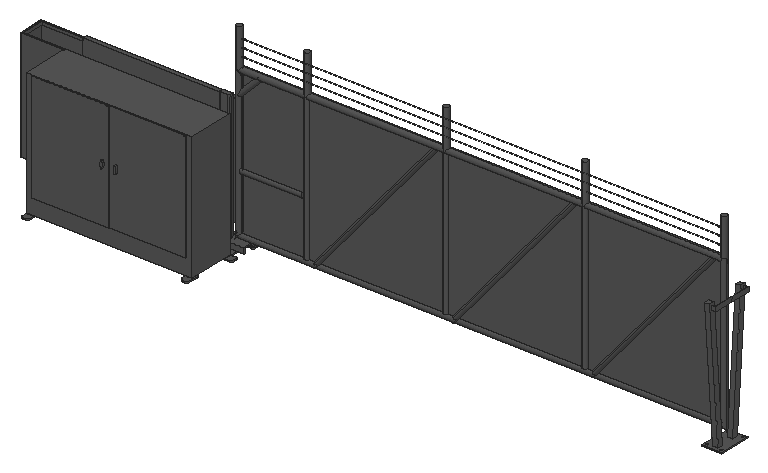
Revit family "1Construction_Fences-&-Traffic-Security_AutoGate_Chainlink-Pivot-Gates", category Specialty Equipment, Revit 2023 (continued)
Definition of nested family "Gate Operator"
  Lines and regions (in)
    Masking region 2, detail levels medium+fine
      outline origin (0, 0, 0) x (1, 0, 0) y (0, 1, 0)
        loop
          line (0.5, 27.9) -> (1.875, 27.9)
          arc (1.875, 27.9) -> (2.58211, 28.19289) -> (2.875, 28.9) r 1
          line (2.875, 28.9) -> (2.875, 29.9)
          arc (2.875, 29.9) -> (2.58211, 30.60711) -> (1.875, 30.9) r 1
        loop
          line (2.875, 17.9) -> (2.875, 18.9)
          arc (2.875, 18.9) -> (2.58211, 19.60711) -> (1.875, 19.9) r 1
          line (1.875, 19.9) -> (0.5, 19.9)
          arc (0.5, 19.9) -> (0.41161, 19.93661) -> (0.375, 20.025) r 0.125
          line (0.375, 20.025) -> (0.375, 20.87) -> (-2.625, 20.87) -> (-2.625, 19.5) -> (0, 19.5) -> (0, 16.9) -> (1.875, 16.9)
          arc (1.875, 16.9) -> (2.58211, 17.19289) -> (2.875, 17.9) r 1
        loop
          arc (-65.625, -2.6) -> (-64.91789, -2.30711) -> (-64.625, -1.6) r 1
          line (-64.625, -1.6) -> (-64.625, -0.0433) -> (-65.00025, -0.0433) -> (-65.00025, 0) -> (-67.175, 0) -> (-67.175, 2.89749)
          arc (-67.175, 2.89749) -> (-67.49581, 2.73541) -> (-67.625, 2.4) r 0.5
          line (-67.625, 2.4) -> (-67.625, -1.6)
          arc (-67.625, -1.6) -> (-67.33211, -2.30711) -> (-66.625, -2.6) r 1
          line (-66.625, -2.6) -> (-65.625, -2.6)
        loop
          line (-1.625, -2.6) -> (-0.625, -2.6)
          arc (-0.625, -2.6) -> (0.08211, -2.30711) -> (0.375, -1.6) r 1
          line (0.375, -1.6) -> (0.375, 2.4)
          arc (0.375, 2.4) -> (0.24581, 2.73541) -> (-0.075, 2.89749) r 0.5
          line (-0.075, 2.89749) -> (-0.075, 0) -> (-2.24975, 0) -> (-2.24975, -0.0433) -> (-2.625, -0.0433) -> (-2.625, -1.6)
          arc (-2.625, -1.6) -> (-2.33211, -2.30711) -> (-1.625, -2.6) r 1
        loop
          line (-3.5, 24.87) -> (-6.5, 24.87)
          arc (-6.5, 24.87) -> (-6.85355, 24.72355) -> (-7, 24.37) r 0.5
          line (-7, 24.37) -> (-7, 23.37)
          arc (-7, 23.37) -> (-6.85355, 23.01645) -> (-6.5, 22.87) r 0.5
          line (-6.5, 22.87) -> (-3.5, 22.87)
          arc (-3.5, 22.87) -> (-3.14645, 23.01645) -> (-3, 23.37) r 0.5
          line (-3, 23.37) -> (-3, 24.37)
          arc (-3, 24.37) -> (-3.14645, 24.72355) -> (-3.5, 24.87) r 0.5
    Masking region 3, detail levels medium+fine
      outline origin (0, 0, 0) x (1, 0, 0) y (0, 1, 0)
        loop
          line (-65.00025, -0.0433) -> (-33.82525, -0.0433) -> (-33.82525, 0) -> (-65.00025, 0) -> (-65.00025, -0.0433)
        loop
          line (-33.42475, -0.0433) -> (-2.24975, -0.0433) -> (-2.24975, 0) -> (-33.42475, 0) -> (-33.42475, -0.0433)
    Masking region 4, detail levels coarse
      outline origin (0, 0, 0) x (1, 0, 0) y (0, 1, 0)
        loop
          line (0, 30.43) -> (-67.155, 30.43) -> (-67.155, 0) -> (0, 0) -> (0, 30.43)
    Masking region 5, visible <- "z_Std Gate Guard", detail levels medium+fine
      outline origin (0, 0, 0) x (1, 0, 0) y (0, 1, 0)
        loop
          line (-69.46845, 28.29676) -> (-69.46845, 19.19676) -> (-67.225, 19.19676) -> (-67.225, 17.41641) -> (-67.175, 17.41641) -> (-67.175, 19.24676) -> (-69.41845, 19.24676) -> (-69.41845, 28.24676) -> (-67.175, 28.24676) -> (-67.175, 30.07712) -> (-67.225, 30.07712) -> (-67.225, 28.29676) -> (-69.46845, 28.29676)
    Masking region 6, visible <- "z_NonStd Gate Guard", detail levels medium+fine
      outline origin (0, 0, 0) x (1, 0, 0) y (0, 1, 0)
        loop
          line (-83.925, 28.37) -> (-67.175, 28.37) -> (-67.175, 29.22) -> (-84.8, 29.22) -> (-84.8, 18.65) -> (-67.175, 18.65) -> (-67.175, 19.5) -> (-83.925, 19.5) -> (-83.925, 28.37)
    Masking region 7, visible <- "z_NonStd Gate Guard", detail levels coarse
      outline origin (0, 0, 0) x (1, 0, 0) y (0, 1, 0)
        loop
          line (-84.675, 29.12) -> (-84.675, 18.75) -> (-67.175, 18.75) -> (-67.175, 29.12) -> (-84.675, 29.12)
  Dimensions and locks (in)
    locked: plane 5 to plane 3 "Center (Left/Right)" at 67.175
    plane 6 to plane 2 "Bottom" = 52.1875"
    locked: plane 7 to plane 5 at 2.25
    "Gate Guard": plane 8 to plane 5
    locked: plane 6 to plane 9 at 1
    locked: plane 10 to plane 2 "Bottom" at 6.9375
    locked: plane 11 to plane 10 at 1
    equal spacing: plane 6, plane 12, plane 10, locked at 22.625 each
    Extrusion 16 to plane 12 to Extrusion 16 = 0.500" locked, 0.500" locked
    Masking region 5 sketch curve to Masking region 5 sketch curve to Masking region 5 sketch curve to Masking region 5 sketch curve to plane 5 = 0.050" locked, 2.19345" locked, 0.000" locked, 0.050" locked
    Extrusion 11 sketch curve to Extrusion 11 sketch curve to Extrusion 11 sketch curve to plane 5 = 0.050" locked, 2.19345" locked, 0.050" locked
    locked: Extrusion 11 sketch curve to plane 5 at 0.05
    locked: plane 8 to Extrusion 12 sketch curve at 0.75
    locked: Extrusion 13 sketch curve to plane 8 at 0.125
    locked: plane 8 to Extrusion 16 sketch curve at 0.75
    locked: plane 8 to Extrusion 15 sketch curve at 0.75
    Masking region 6 sketch curve to plane 8 to Masking region 6 sketch curve = 0.125" locked, 0.750" locked
    aligned and locked: plane 3 "Center (Left/Right)" to Extrusion 1
    aligned and locked: Extrusion 2 to plane 1 "Center (Front/Back)"
    aligned and locked: Extrusion 12 to plane 6
    aligned and locked: Extrusion 12 to plane 9
    aligned and locked: Extrusion 14 sketch curve to plane 5
    aligned and locked: Extrusion 14 sketch curve to plane 8
    aligned and locked: Extrusion 14 to plane 6
    aligned and locked: plane 10 to Extrusion 14
    aligned and locked: plane 8 to Masking region 7 sketch curve
    aligned and locked: plane 5 to Masking region 7 sketch curve
    aligned and locked: plane 5 to Extrusion 12 sketch curve  (x2)
    aligned and locked: Extrusion 15 to plane 11
    aligned and locked: plane 10 to Extrusion 15
    aligned and locked: plane 5 to Extrusion 13 sketch curve  (x2)
    aligned and locked: Extrusion 13 to plane 6
    aligned and locked: plane 10 to Extrusion 13
    aligned and locked: plane 5 to Masking region 5 sketch curve
    aligned and locked: Masking region 5 sketch curve to plane 5
    aligned and locked: Extrusion 11 sketch curve to plane 5  (x2)
    aligned and locked: Extrusion 12 sketch curve to plane 8
    aligned and locked: Extrusion 13 sketch curve to plane 8
    aligned and locked: Extrusion 16 sketch curve to plane 8
    aligned and locked: Extrusion 15 sketch curve to plane 8
  Automatic sketch dimensions
    plane 5 to Extrusion 1 sketch curve = 0.000"
    Extrusion 1 sketch curve to plane 3 "Center (Left/Right)" = 0.000"
    Extrusion 1 sketch curve to plane 6 = 0.000"
    level to Extrusion 1 sketch curve = 0.73989"
    plane 6 to Extrusion 2 sketch curve = 0.3625"  (x2)
    Extrusion 2 sketch curve to plane 5 = 2.17475"
    Extrusion 2 sketch curve to plane 10 = 0.3875"  (x2)
    Extrusion 2 sketch curve to Extrusion 2 sketch curve = 31.175"
    Extrusion 2 sketch curve to Extrusion 2 sketch curve = 0.4005"
    Extrusion 2 sketch curve to plane 3 "Center (Left/Right)" = 2.24975"
    Extrusion 3 sketch curve to Extrusion 2 = 7.64262"
    Extrusion 3 sketch curve to Extrusion 2 = 2.56264"
    Extrusion 3 sketch curve to Extrusion 3 sketch curve = 0.0015"
    Extrusion 3 sketch curve to Extrusion 3 sketch curve = 0.44195"
    Extrusion 3 sketch curve to Extrusion 2 = 1.75907"
    Extrusion 3 sketch curve to Extrusion 3 sketch curve = 0.80123"
    Extrusion 3 sketch curve to Extrusion 3 sketch curve = 0.80273"
    Extrusion 3 sketch curve to Extrusion 3 sketch curve = 4.72071"
    Extrusion 3 sketch curve to Extrusion 2 = 21.08697"
    Extrusion 3 sketch curve to Extrusion 3 sketch curve = 0.000"
    Extrusion 3 sketch curve to Extrusion 3 sketch curve = 1.22848"  (x2)
    Extrusion 3 sketch curve to Extrusion 3 sketch curve = 1.23435"  (x2)
    Extrusion 3 sketch curve to Extrusion 3 sketch curve = 1.2244"
    Extrusion 3 sketch curve to Extrusion 3 sketch curve = 1.21852"
    Extrusion 3 sketch curve to Extrusion 3 sketch curve = 0.31522"  (x4)
    Extrusion 3 sketch curve to Extrusion 3 sketch curve = 0.31672"  (x4)
    Extrusion 4 sketch curve to plane 4 = 0.09995"  (x2)
    plane 5 to Extrusion 4 sketch curve = 0.450"  (x2)
    Extrusion 4 sketch curve to plane 5 = 0.04995"  (x2)
    Extrusion 4 sketch curve to plane 5 = 0.050"
    Extrusion 4 sketch curve to plane 5 = 0.550"
    Extrusion 4 sketch curve to Extrusion 4 sketch curve = 1.000"  (x5)
    Extrusion 4 sketch curve to Extrusion 4 sketch curve = 2.000"
    Extrusion 4 sketch curve to Extrusion 4 sketch curve = 2.00005"  (x2)
    Extrusion 4 sketch curve to Extrusion 4 sketch curve = 0.500"  (x2)
    Extrusion 4 sketch curve to plane 4 = 0.100"
    Extrusion 4 sketch curve to plane 3 "Center (Left/Right)" = 2.625"  (x2)
    plane 4 to Extrusion 4 sketch curve = 0.400"
    Extrusion 4 sketch curve to Extrusion 4 sketch curve = 0.49995"
    Extrusion 4 sketch curve to plane 3 "Center (Left/Right)" = 0.625"
    Extrusion 4 sketch curve to plane 3 "Center (Left/Right)" = 0.125"
    plane 3 "Center (Left/Right)" to Extrusion 4 sketch curve = 0.375"  (x2)
    Extrusion 4 sketch curve to Extrusion 4 sketch curve = 0.125"  (x2)
    Extrusion 4 sketch curve to Extrusion 4 sketch curve = 1.375"  (x2)
    Extrusion 4 sketch curve to plane 4 = 0.600"
    Extrusion 4 sketch curve to Extrusion 4 sketch curve = 0.000"  (x2)
    Extrusion 4 sketch curve to Extrusion 4 sketch curve = 7.750"
    Extrusion 4 sketch curve to Extrusion 4 sketch curve = 13.000"
    Extrusion 4 sketch curve to plane 1 "Center (Front/Back)" = 2.900"  (x2)
    plane 1 "Center (Front/Back)" to Extrusion 4 sketch curve = 1.600"  (x2)
    Extrusion 5 sketch curve to plane 5 = 0.050"  (x2)
    Extrusion 5 sketch curve to Extrusion 5 sketch curve = 0.125"  (x10)
    Extrusion 5 sketch curve to Extrusion 5 sketch curve = 1.810"  (x7)
    Extrusion 5 sketch curve to plane 1 "Center (Front/Back)" = 0.495"
    Extrusion 5 sketch curve to Extrusion 5 sketch curve = 0.000"
    Extrusion 5 sketch curve to plane 3 "Center (Left/Right)" = 2.155"  (x2)
    Extrusion 5 sketch curve to plane 3 "Center (Left/Right)" = 0.220"  (x4)
    Extrusion 5 sketch curve to plane 3 "Center (Left/Right)" = 0.095"  (x2)
    Extrusion 5 sketch curve to plane 1 "Center (Front/Back)" = 0.370"
    Extrusion 5 sketch curve to plane 4 = 13.130"  (x2)
    Extrusion 6 sketch curve to plane 5 = 0.020"
    Extrusion 6 sketch curve to plane 3 "Center (Left/Right)" = 0.095"
    Extrusion 6 sketch curve to plane 4 = 2.130"
    Extrusion 6 sketch curve to plane 4 = 0.070"
    Extrusion 7 sketch curve to plane 5 = 0.020"
    Extrusion 7 sketch curve to Extrusion 7 sketch curve = 2.060"
    Extrusion 7 sketch curve to plane 3 "Center (Left/Right)" = 2.155"
    Extrusion 7 sketch curve to plane 3 "Center (Left/Right)" = 0.095"
    Extrusion 7 sketch curve to plane 4 = 2.130"  (x2)
    Extrusion 7 sketch curve to plane 4 = 0.070"  (x2)
    plane 10 to Extrusion 8 sketch curve = 2.66589"
    Extrusion 8 sketch curve to plane 4 = 9.630"
    Extrusion 8 sketch curve to Extrusion 8 sketch curve = 0.0625"  (x2)
    Extrusion 8 sketch curve to Extrusion 8 sketch curve = 0.250"  (x4)
    plane 10 to Extrusion 8 sketch curve = 3.22839"
    Extrusion 8 sketch curve to plane 4 = 4.1925"
    Extrusion 8 sketch curve to Extrusion 8 sketch curve = 1.6875"  (x2)
    Extrusion 9 sketch curve to plane 3 "Center (Left/Right)" = 7.000"
    Extrusion 9 sketch curve to Extrusion 9 sketch curve = 0.500"  (x3)
    Extrusion 9 sketch curve to Extrusion 9 sketch curve = 3.000"
    Extrusion 9 sketch curve to Extrusion 9 sketch curve = 0.000"
    Extrusion 9 sketch curve to plane 4 = 7.630"
    Extrusion 9 sketch curve to Extrusion 9 sketch curve = 1.000"
    Masking region 1 sketch curve to plane 5 = 0.000"
    plane 1 "Center (Front/Back)" to Masking region 1 sketch curve = 0.000"
    Masking region 1 sketch curve to plane 3 "Center (Left/Right)" = 0.000"
    Masking region 1 sketch curve to plane 5 = 0.020"
    plane 1 "Center (Front/Back)" to Masking region 1 sketch curve = 0.0433"  (x2)
    Masking region 1 sketch curve to plane 5 = 30.2876"
    Masking region 1 sketch curve to Masking region 1 sketch curve = 0.98864"  (x2)
    Masking region 1 sketch curve to Masking region 1 sketch curve = 4.5348"
    Masking region 1 sketch curve to plane 3 "Center (Left/Right)" = 7.000"
    Masking region 1 sketch curve to plane 3 "Center (Left/Right)" = 0.095"
    plane 3 "Center (Left/Right)" to Masking region 1 sketch curve = 4.500"
    Masking region 1 sketch curve to Masking region 1 sketch curve = 0.53784"  (x2)
    Masking region 1 sketch curve to plane 4 = 11.000"
    Masking region 1 sketch curve to Masking region 1 sketch curve = 1.370"
    Masking region 1 sketch curve to plane 4 = 3.630"
    Masking region 1 sketch curve to plane 4 = 2.130"
    Masking region 1 sketch curve to plane 4 = 0.070"
    plane 1 "Center (Front/Back)" to Masking region 2 sketch curve = 0.000"  (x2)
    Masking region 2 sketch curve to plane 5 = 0.000"  (x2)
    Masking region 2 sketch curve to plane 3 "Center (Left/Right)" = 0.000"
    plane 5 to Masking region 2 sketch curve = 0.450"  (x2)
    Masking region 2 sketch curve to plane 5 = 0.04995"  (x3)
    Masking region 2 sketch curve to plane 5 = 0.050"
    Masking region 2 sketch curve to plane 5 = 0.550"
    Masking region 2 sketch curve to Masking region 2 sketch curve = 1.000"  (x6)
    plane 4 to Masking region 2 sketch curve = 0.400"
    Masking region 2 sketch curve to Masking region 2 sketch curve = 2.00005"
    Masking region 2 sketch curve to Masking region 2 sketch curve = 0.62475"
    Masking region 2 sketch curve to plane 5 = 2.550"
    Masking region 2 sketch curve to plane 4 = 0.09995"  (x2)
    Masking region 2 sketch curve to Masking region 2 sketch curve = 0.500"  (x4)
    plane 1 "Center (Front/Back)" to Masking region 2 sketch curve = 0.0433"  (x2)
    Masking region 2 sketch curve to Masking region 2 sketch curve = 0.37525"  (x2)
    Masking region 2 sketch curve to plane 3 "Center (Left/Right)" = 7.000"
    Masking region 2 sketch curve to Masking region 2 sketch curve = 3.000"
    Masking region 2 sketch curve to Masking region 2 sketch curve = 0.000"  (x2)
    Masking region 2 sketch curve to plane 3 "Center (Left/Right)" = 2.625"  (x2)
    Masking region 2 sketch curve to Masking region 2 sketch curve = 0.875"
    Masking region 2 sketch curve to plane 4 = 0.070"
    Masking region 2 sketch curve to Masking region 2 sketch curve = 0.0009"
    Masking region 2 sketch curve to Masking region 2 sketch curve = 0.49905"
    Masking region 2 sketch curve to plane 3 "Center (Left/Right)" = 0.625"
    Masking region 2 sketch curve to plane 3 "Center (Left/Right)" = 0.125"
    Masking region 2 sketch curve to plane 3 "Center (Left/Right)" = 0.095"
    Masking region 2 sketch curve to plane 3 "Center (Left/Right)" = 0.075"
    plane 3 "Center (Left/Right)" to Masking region 2 sketch curve = 0.375"  (x3)
    Masking region 2 sketch curve to Masking region 2 sketch curve = 0.125"  (x2)
    plane 3 "Center (Left/Right)" to Masking region 2 sketch curve = 1.875"  (x2)
    Masking region 2 sketch curve to Masking region 2 sketch curve = 1.375"
    Masking region 2 sketch curve to Masking region 2 sketch curve = 1.5567"
    plane 1 "Center (Front/Back)" to Masking region 2 sketch curve = 1.600"
    Masking region 2 sketch curve to plane 1 "Center (Front/Back)" = 2.400"  (x2)
    Masking region 2 sketch curve to Masking region 2 sketch curve = 13.000"
    Masking region 2 sketch curve to Masking region 2 sketch curve = 13.49755"
    Masking region 2 sketch curve to Masking region 2 sketch curve = 2.10005"
    Masking region 2 sketch curve to Masking region 2 sketch curve = 0.525"
    Masking region 2 sketch curve to Masking region 2 sketch curve = 1.370"
    Masking region 2 sketch curve to Masking region 2 sketch curve = 2.000"  (x2)
    Masking region 2 sketch curve to Masking region 2 sketch curve = 0.905"
    Masking region 2 sketch curve to Masking region 2 sketch curve = 2.03005"
    Masking region 2 sketch curve to Masking region 2 sketch curve = 0.470"
    plane 1 "Center (Front/Back)" to Masking region 3 sketch curve = 0.000"  (x2)
    plane 1 "Center (Front/Back)" to Masking region 3 sketch curve = 0.0433"  (x2)
    Masking region 3 sketch curve to plane 5 = 2.17475"
    Masking region 3 sketch curve to Masking region 3 sketch curve = 31.175"
    Masking region 3 sketch curve to Masking region 3 sketch curve = 0.4005"
    Masking region 3 sketch curve to plane 3 "Center (Left/Right)" = 2.24975"
    plane 1 "Center (Front/Back)" to Extrusion 10 sketch curve = 0.000"
    Extrusion 10 sketch curve to plane 3 "Center (Left/Right)" = 0.000"
    Extrusion 10 sketch curve to plane 5 = 0.020"
    Extrusion 10 sketch curve to plane 4 = 0.070"
    plane 1 "Center (Front/Back)" to Masking region 4 sketch curve = 0.000"
    Masking region 4 sketch curve to plane 3 "Center (Left/Right)" = 0.000"
    Masking region 4 sketch curve to plane 5 = 0.020"
    Masking region 4 sketch curve to plane 4 = 0.070"
    Extrusion 14 sketch curve to plane 4 = 11.750"
    Extrusion 14 sketch curve to plane 4 = 1.380"
    Masking region 7 sketch curve to plane 1 "Center (Front/Back)" = 18.750"
    Masking region 7 sketch curve to Masking region 7 sketch curve = 10.370"
    Masking region 5 sketch curve to plane 13 = 6.51859"
    Masking region 5 sketch curve to Masking region 5 sketch curve = 1.78035"  (x2)
    Masking region 5 sketch curve to Masking region 5 sketch curve = 0.050"  (x2)
    Masking region 5 sketch curve to plane 4 = 0.42288"
    Extrusion 11 sketch curve to plane 13 = 6.51859"
    Extrusion 11 sketch curve to Extrusion 11 sketch curve = 1.78035"
    Extrusion 11 sketch curve to Extrusion 11 sketch curve = 0.050"  (x2)
    Extrusion 11 sketch curve to plane 4 = 2.25324"
    Extrusion 11 sketch curve to plane 4 = 0.42288"
    Extrusion 12 sketch curve to plane 13 = 5.185"
    Extrusion 12 sketch curve to Extrusion 12 sketch curve = 0.750"  (x2)
    Extrusion 12 sketch curve to plane 15 = 2.060"
    Extrusion 13 sketch curve to plane 7 = 1.200"
    Extrusion 13 sketch curve to plane 13 = 5.285"
    Extrusion 13 sketch curve to Extrusion 13 sketch curve = 0.100"  (x2)
    Extrusion 13 sketch curve to plane 15 = 1.310"
    Extrusion 16 sketch curve to plane 5 = 0.000"  (x2)
    Extrusion 16 sketch curve to plane 13 = 5.185"
    Extrusion 16 sketch curve to Extrusion 16 sketch curve = 0.750"  (x2)
    Extrusion 16 sketch curve to plane 15 = 2.060"
    Extrusion 15 sketch curve to plane 5 = 0.000"  (x2)
    Extrusion 15 sketch curve to plane 13 = 5.185"
    Extrusion 15 sketch curve to Extrusion 15 sketch curve = 0.750"  (x2)
    Extrusion 15 sketch curve to plane 15 = 2.060"
    Masking region 6 sketch curve to plane 5 = 0.000"  (x2)
    Masking region 6 sketch curve to plane 13 = 5.285"
    Masking region 6 sketch curve to Masking region 6 sketch curve = 0.850"  (x2)
    Masking region 6 sketch curve to plane 15 = 2.060"
Definition of nested family "Pole"
  Parameters (values of type "Pole")
    Material = none
    Height = 72.000"
    Default Elevation = 0.000"
  Reference planes (in)
    plane 1 "Center (Front/Back)": y = 0
    plane 2: z = 0
    plane 3 "Center (Left/Right)": x = 0
    plane 4: z = 72
    plane 5: x = 2.375
  Forms (in)
    Sweep 1, solid, material <- "Material", detail levels medium+fine
      path origin (0, 0, 0) x (1, 0, 0) y (0, 0, 1)
        loop
          line (0, 72) -> (0, 0)
      profile origin (0, 0, 36) x (0, -1, 0) y (1, 0, 0)
        loop
          circle (0, 1.1875) r 1.1875
  Dimensions and locks (in)
    "Height": plane 4 to plane 2
    aligned and locked: level to plane 2
  Automatic sketch dimensions
    Sweep 1 sketch curve to level = 0.000"
    Sweep 1 sketch curve to plane 3 "Center (Left/Right)" = 0.000"
    Sweep 1 sketch curve to plane 4 = 0.000"
    plane 1 "Center (Front/Back)" to Sweep 1 sketch curve = 0.000"
    Sweep 1 sketch curve to profile plane = 1.1875"
    radius of Sweep 1 sketch curve = 1.1875"
Definition of nested family "DI"
  Parameters (values of type "DI")
    Visibility = yes
  Reference planes (in)
    plane 1 "Center (Front/Back)": y = 0
    plane 2: z = 0
    plane 3 "Center (Left/Right)": x = 0
    plane 4: x = -1.1875
    plane 5: x = 1.1875
  Lines and regions (in)
    Masking region 1, in view "Ref. Level", visible <- "Visibility", detail levels medium+fine
      outline origin (0, 0, 0) x (1, 0, 0) y (0, 1, 0)
        loop
          circle (0, 0) r 1.1875
Types (3): name | z_Type Index | z_Pole Height | z_FT Distance | z_Barb Wire Visibility | Model
  (no name) | 2 | 75.208" | 12.000" | yes | "Chainlink - VPG - Barb Wire"
  Chainlink VPG with Barb Wire | 2 | 75.208" | 12.000" | yes | "Chainlink - VPG - Barb Wire"
  Chainlink VPG Flat Top | 1 | 72.625" | 0.000" | no | "Chainlink - VPG - Flat Top"
